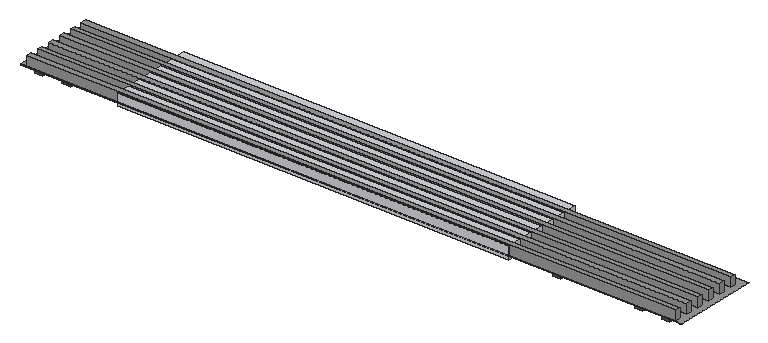
Revit family "1112-6, Veneer", category Generic Models, host Face, Revit 2020
Family settings
  Host = Face
  Can host rebar = No
  Round Connector Dimension = Use Diameter
  Part Type = Normal
  Cut with Voids When Loaded = No
  Shared = No
  Room Calculation Point = No
Parameters
  min_value [instance] = 1' - 11 1/4"  # constant formula
  max_value [instance] = 9' - 11 1/4"  # constant formula
  actual_value [instance] = if(NET LENGTH < min_value, min_value, if(NET LENGTH > max_value, max_value, NET LENGTH))  # 7' - 11 1/4"
  SCRIM MATERIAL [instance] = SCRIM
  SCRIM [instance] = yes
  NET LENGTH [instance] = 7' - 11 1/4"
  Default Elevation = 4' - 0"
  BACKER MATERIAL [instance] = BLACK-BACKERS
  .. MEMBER WIDTH [instance] = 0' - 0 3/4"  # constant formula
  .. MEMBER MATERIAL [instance] = Veneer Cherry
  .. MEMBER LENGTH [instance] = actual_value  # 7' - 11 1/4"
  .. MEMBER DEPTH [instance] = 0' - 1 3/8"  # constant formula
  .. MEMBER COUNT [instance] = 6  # constant formula
  IMPORTANT NOTE!!!                                                                             *Backer layout is for visualization purposes only, final layout to be determined by 9Wood. [instance] = ""
Reference planes (in)
  plane 1 "Center (Front/Back)": y = 0
  plane 2: z = 1.82209
  plane 3 "Center (Left/Right)": x = 0
Forms (in)
  Extrusion 1, solid
    sketch origin (132, -33.80483, 0) x (1, 0, 0) y (0, 1, 0)
      loop
        line (-118.625, 33.80483) -> (-61.26146, 33.80483) -> (-61.26146, 45.86733) -> (-118.625, 45.86733) -> (-118.625, 33.80483)
    from 1.82209 to 0
Dimensions and locks (in)
  aligned and locked: Extrusion 1 to plane 2
  aligned and locked: plane 3 "Center (Left/Right)" to nested 1
Nested families (in)
  nested 1: "1100 SERIES CONFIG" at (0, 2, 0), .. MEMBER DEPTH <- ".. MEMBER DEPTH", .. MEMBER LENGTH <- ".. MEMBER LENGTH", .. MEMBER WIDTH <- ".. MEMBER WIDTH", .. MEMBER MATERIAL <- ".. MEMBER MATERIAL", BACKING M MATERIAL <- "BACKER MATERIAL", SCRIM  MATERIAL <- "SCRIM MATERIAL", .. MEMBER COUNT <- ".. MEMBER COUNT", SCRIM <- "SCRIM", type "1100 SERIES CONFIG"
    with X 7' - 8", SCRIM OVERHANG 2 0' - 0 3/32", SCRIM OVERHANG 0' - 0 7/8", SCRIM LENGTH 8' - 1", SCRIM  MATERIAL SCRIM, SCRIM yes, NOMINAL LENGTH 7, N 8, Inset 6' - 0 3/8", INSET 0' - 1", INDEX 0' - 5 5/8", HALF MEMBER WIDTH 0' - 0 3/8", HALF LENGTH 3' - 11 5/8", END BACKER yes, BACKING M WIDTH 0' - 1 1/4", BACKING M OC SPACING 1' - 0", BACKING M MATERIAL BLACK-BACKERS, BACKING M LENGTH 0' - 11 7/8", BACKING M DEPTH 0' - 0 1/2", BACKING M COUNT 8, 3/16" INSET 0' - 0 3/16", .. MEMBER WIDTH 0' - 0 3/4", .. MEMBER OC SPACING 0' - 2", .. MEMBER MATERIAL Veneer Cherry, .. MEMBER LENGTH 7' - 11 1/4", .. MEMBER DEPTH 0' - 1 3/8", .. MEMBER COUNT 6
Definition of nested family "1100 SERIES CONFIG"
  Parameters (values of type "1100 SERIES CONFIG")
    X [instance] = .. MEMBER LENGTH - 0' 3 1/4"  # 5' - 5"
    SCRIM OVERHANG 2 [instance] = 0' - 0 3/32"  # constant formula
    SCRIM OVERHANG [instance] = 0' - 0 7/8"  # constant formula
    SCRIM LENGTH [instance] = .. MEMBER LENGTH + (SCRIM OVERHANG * 2)  # 5' - 10"
    SCRIM  MATERIAL [instance] = none
    SCRIM [instance] = yes
    NOMINAL LENGTH [instance] = 7
    N [instance] = if((X - (rounddown(X / 1' 0") * 1' 0")) > 1' 0", rounddown(X / 1' 0") + 2, rounddown(X / 1' 0") + 1)  # 6
    Inset [instance] = 6' - 0 3/8"  # constant formula
    INSET [instance] = 0' - 1"  # constant formula
    END BACKER [instance] = INDEX > 0' 3 5/8"  # yes
    INDEX [instance] = (.. MEMBER LENGTH - ((N - 1) * 1' 0")) / 2  # 0' - 4 1/8"
    HALF MEMBER WIDTH [instance] = .. MEMBER WIDTH / 2  # 0' - 0 5/16"
    HALF LENGTH [instance] = .. MEMBER LENGTH / 2  # 2' - 10 1/8"
    Default Elevation = 0' - 0"
    BACKING M WIDTH [instance] = 0' - 1 1/4"
    BACKING M SPACING = 3' - 3"
    BACKING M MATERIAL [instance] = none
    BACKING M LENGTH [instance] = 0' - 11 7/8"
    BACKING M DEPTH [instance] = 0' - 0 1/2"
    BACKING M COUNT [instance] = N  # 6
    BACKING M OC SPACING [instance] = 1' - 0"  # constant formula
    3/16" INSET [instance] = 0' - 0 3/16"  # constant formula
    .. MEMBER WIDTH [instance] = 0' - 0 5/8"
    .. MEMBER OC SPACING [instance] = 1' 0" / .. MEMBER COUNT  # 0' - 4"
    .. MEMBER MATERIAL [instance] = none
    .. MEMBER LENGTH [instance] = 5' - 8 1/4"
    .. MEMBER DEPTH [instance] = 0' - 1 3/8"
    .. MEMBER COUNT [instance] = 3
  Reference planes (in)
    plane 1 "Center (Front/Back)": y = -2
    plane 2: z = 0
    plane 3 "Center (Left/Right)": x = 0
    plane 4: x = 1
    plane 5: x = 4.125
    plane 6: x = 34.125
    plane 7: x = 68.25
    plane 8: x = 67.25
    plane 9: x = 16.125
    plane 10: y = -1.8125
    plane 11: y = -1.6875
    plane 12: y = 2.3125
    plane 13: x = 69.125
    plane 14: x = -0.875
    plane 15: z = 0.5
    plane 16: z = 0.5625
    plane 17: y = 10.0625
    plane 18: y = 10.15625
    plane 19: y = -2.09375
  Dimensions and locks (in)
    "INSET": plane 3 "Center (Left/Right)" to plane 4
    "INDEX": plane 3 "Center (Left/Right)" to plane 5
    "HALF LENGTH": plane 3 "Center (Left/Right)" to plane 6
    ".. MEMBER LENGTH": plane 3 "Center (Left/Right)" to plane 7
    "INSET": plane 8 to plane 7
    equal spacing: group 2, group 3, group 6, group 7, group 8, group 9  (x3)
    "3/16" INSET": plane 1 "Center (Front/Back)" to plane 10
    ".. MEMBER OC SPACING": plane 12 to plane 11
    "SCRIM OVERHANG": plane 14 to plane 3 "Center (Left/Right)"
    "SCRIM OVERHANG": plane 7 to plane 13
    equal spacing: group 1, group 4, group 5  (x2)
    equal spacing: group 5, group 4, group 1
    "HALF MEMBER WIDTH": plane 1 "Center (Front/Back)" to plane 11
    "BACKING M OC SPACING": plane 5 to plane 9
    "SCRIM OVERHANG 2": plane 18 to plane 17
    "SCRIM OVERHANG 2": plane 19 to plane 1 "Center (Front/Back)"
    aligned and locked: level to plane 2
    aligned and locked: plane 6 to nested 1
    aligned and locked: nested 2 to plane 4
    aligned and locked: plane 5 to nested 3
    aligned and locked: plane 1 "Center (Front/Back)" to nested 1
    aligned and locked: nested 2 to plane 10
    aligned and locked: nested 3 to plane 10
    aligned and locked: nested 5 to plane 10
    aligned and locked: nested 4 to plane 10
    aligned and locked: nested 6 to plane 14
    aligned and locked: plane 12 to nested 7
    aligned and locked: nested 7 to plane 3 "Center (Left/Right)"
    aligned and locked: plane 9 to nested 5
    aligned and locked: plane 8 to nested 4
    aligned and locked: plane 15 to nested 2
    aligned and locked: nested 6 to plane 15
    aligned and locked: nested 1 to plane 16
    aligned and locked: nested 7 to plane 16
    aligned and locked: nested 6 to plane 19
  Nested families (in)
    nested 1: "INSTANCE - Parametric Cube" at (34.125, -1.6875, 1.9375), Length <- ".. MEMBER WIDTH", Height <- ".. MEMBER DEPTH", Width <- ".. MEMBER LENGTH", Material <- ".. MEMBER MATERIAL", type "INSTANCE - Parametric Cube"
      with Width 5' - 8 1/4", Material none, Length 0' - 0 5/8", Height 0' - 1 3/8"
    nested 2: "2ND INSTANCE - Parametric Cube" at (1.625, 4.125, 0), Height <- "BACKING M DEPTH", Length <- "BACKING M LENGTH", Width <- "BACKING M WIDTH", Material <- "BACKING M MATERIAL", visible <- "END BACKER", type "2ND INSTANCE - Parametric Cube"
      with Width 0' - 1 1/4", Material none, Length 0' - 11 7/8", Height 0' - 0 1/2"
    nested 3: "2ND INSTANCE - Parametric Cube" at (4.125, 4.125, 0), Length <- "BACKING M LENGTH", Height <- "BACKING M DEPTH", Width <- "BACKING M WIDTH", Material <- "BACKING M MATERIAL", type "2ND INSTANCE - Parametric Cube"
      with Width 0' - 1 1/4", Material none, Length 0' - 11 7/8", Height 0' - 0 1/2"
    nested 4: "2ND INSTANCE - Parametric Cube" at (66.625, 4.125, 0), Width <- "BACKING M WIDTH", Length <- "BACKING M LENGTH", Height <- "BACKING M DEPTH", Material <- "BACKING M MATERIAL", visible <- "END BACKER", type "2ND INSTANCE - Parametric Cube"
      with Width 0' - 1 1/4", Material none, Length 0' - 11 7/8", Height 0' - 0 1/2"
    nested 5: "2ND INSTANCE - Parametric Cube" at (16.125, 4.125, 0), Length <- "BACKING M LENGTH", Height <- "BACKING M DEPTH", Width <- "BACKING M WIDTH", Material <- "BACKING M MATERIAL", type "2ND INSTANCE - Parametric Cube"
      with Width 0' - 1 1/4", Material none, Length 0' - 11 7/8", Height 0' - 0 1/2"
    nested 6: "3RD INSTANCE - Parametric Cube" at (34.125, 4.0445, 0.5), Width <- "SCRIM LENGTH", Material <- "SCRIM  MATERIAL", visible <- "SCRIM", type "3RD INSTANCE - Parametric Cube"
      with Width 5' - 10", Material none, Length 1' - 0.27649", Height 0' - 0 1/16"
    nested 7: "INSTANCE - Parametric Cube" at (34.125, 2.3125, 1.9375), Length <- ".. MEMBER WIDTH", Height <- ".. MEMBER DEPTH", Width <- ".. MEMBER LENGTH", Material <- ".. MEMBER MATERIAL", type "INSTANCE - Parametric Cube"
      with Width 5' - 8 1/4", Material none, Length 0' - 0 5/8", Height 0' - 1 3/8"
    nested 8: "INSTANCE - Parametric Cube" at (34.125, 6.3125, 1.9375), Length <- ".. MEMBER WIDTH", Height <- ".. MEMBER DEPTH", Width <- ".. MEMBER LENGTH", Material <- ".. MEMBER MATERIAL", type "INSTANCE - Parametric Cube"
      with Width 5' - 8 1/4", Material none, Length 0' - 0 5/8", Height 0' - 1 3/8"
    nested 9: "2ND INSTANCE - Parametric Cube" at (28.125, 4.125, 0), Length <- "BACKING M LENGTH", Height <- "BACKING M DEPTH", Width <- "BACKING M WIDTH", Material <- "BACKING M MATERIAL", type "2ND INSTANCE - Parametric Cube"
      with Width 0' - 1 1/4", Material none, Length 0' - 11 7/8", Height 0' - 0 1/2"
    nested 10: "2ND INSTANCE - Parametric Cube" at (40.125, 4.125, 0), Length <- "BACKING M LENGTH", Height <- "BACKING M DEPTH", Width <- "BACKING M WIDTH", Material <- "BACKING M MATERIAL", type "2ND INSTANCE - Parametric Cube"
      with Width 0' - 1 1/4", Material none, Length 0' - 11 7/8", Height 0' - 0 1/2"
    nested 11: "2ND INSTANCE - Parametric Cube" at (52.125, 4.125, 0), Length <- "BACKING M LENGTH", Height <- "BACKING M DEPTH", Width <- "BACKING M WIDTH", Material <- "BACKING M MATERIAL", type "2ND INSTANCE - Parametric Cube"
      with Width 0' - 1 1/4", Material none, Length 0' - 11 7/8", Height 0' - 0 1/2"
    nested 12: "2ND INSTANCE - Parametric Cube" at (64.125, 4.125, 0), Length <- "BACKING M LENGTH", Height <- "BACKING M DEPTH", Width <- "BACKING M WIDTH", Material <- "BACKING M MATERIAL", type "2ND INSTANCE - Parametric Cube"
      with Width 0' - 1 1/4", Material none, Length 0' - 11 7/8", Height 0' - 0 1/2"
  Definition of nested family "INSTANCE - Parametric Cube"
    Parameters (values of type "INSTANCE - Parametric Cube")
      Width [instance] = 0' - 6"
      Material [instance] = none
      Length [instance] = 1' - 0"
      Height [instance] = 1' - 6"
      Default Elevation = 0' - 0"
    Reference planes (in)
      plane 1 "Center (Front/Back)": y = 0
      plane 2: z = 0
      plane 3 "Center (Left/Right)": x = 0
      plane 4: x = -3
      plane 5: x = 3
      plane 6: y = 6
      plane 7: y = -6
      plane 8: z = -18
    Forms (in)
      Extrusion 1, solid, material <- "Material"
        sketch origin (0, 0, 0) x (1, 0, 0) y (0, 1, 0)
          loop
            line (-3, 6) -> (-3, -6) -> (3, -6) -> (3, 6) -> (-3, 6)
        from -18 to 0
    Dimensions and locks (in)
      equal spacing: plane 4, plane 3 "Center (Left/Right)", plane 5
      equal spacing: plane 6, plane 1 "Center (Front/Back)", plane 7
      "Length": plane 6 to plane 7
      "Width": plane 4 to plane 5
      "Height": plane 8 to level
      aligned and locked: plane 2 to level
      aligned and locked: Extrusion 1 sketch curve to plane 6
      aligned and locked: plane 4 to Extrusion 1 sketch curve
      aligned and locked: plane 7 to Extrusion 1 sketch curve
      aligned and locked: Extrusion 1 sketch curve to plane 5
      aligned and locked: Extrusion 1 to plane 8
  Definition of nested family "2ND INSTANCE - Parametric Cube"
    Parameters (values of type "2ND INSTANCE - Parametric Cube")
      Width [instance] = 0' - 6"
      Material [instance] = none
      Length [instance] = 1' - 0"
      Height [instance] = 1' - 6"
      Default Elevation = 0' - 0"
    Reference planes (in)
      plane 1 "Center (Front/Back)": y = 0
      plane 2: z = 0
      plane 3 "Center (Left/Right)": x = 0
      plane 4: x = -3
      plane 5: x = 3
      plane 6: y = 6
      plane 7: y = -6
      plane 8: z = 18
    Forms (in)
      Extrusion 1, solid, material <- "Material"
        sketch origin (0, 0, 0) x (1, 0, 0) y (0, 1, 0)
          loop
            line (-3, 6) -> (-3, -6) -> (3, -6) -> (3, 6) -> (-3, 6)
        from 0 to 18
    Dimensions and locks (in)
      equal spacing: plane 4, plane 3 "Center (Left/Right)", plane 5
      equal spacing: plane 6, plane 1 "Center (Front/Back)", plane 7
      "Length": plane 6 to plane 7
      "Width": plane 4 to plane 5
      "Height": level to plane 8
      aligned and locked: plane 2 to level
      aligned and locked: Extrusion 1 sketch curve to plane 6
      aligned and locked: plane 4 to Extrusion 1 sketch curve
      aligned and locked: plane 7 to Extrusion 1 sketch curve
      aligned and locked: Extrusion 1 sketch curve to plane 5
      aligned and locked: plane 8 to Extrusion 1
      aligned and locked: Extrusion 1 to level
  Definition of nested family "3RD INSTANCE - Parametric Cube"
    Parameters (values of type "3RD INSTANCE - Parametric Cube")
      Width [instance] = 0' - 6"
      Material [instance] = none
      Length [instance] = 1' - 0"
      Height [instance] = 1' - 6"
      Default Elevation = 0' - 0"
    Reference planes (in)
      plane 1 "Center (Front/Back)": y = 0
      plane 2: z = 0
      plane 3 "Center (Left/Right)": x = 0
      plane 4: x = -3
      plane 5: x = 3
      plane 6: y = 6
      plane 7: y = -6
      plane 8: z = 18
    Forms (in)
      Extrusion 1, solid, material <- "Material"
        sketch origin (0, 0, 0) x (1, 0, 0) y (0, 1, 0)
          loop
            line (-3, 6) -> (-3, -6) -> (3, -6) -> (3, 6) -> (-3, 6)
        from 0 to 18
    Dimensions and locks (in)
      equal spacing: plane 4, plane 3 "Center (Left/Right)", plane 5
      equal spacing: plane 6, plane 1 "Center (Front/Back)", plane 7
      "Length": plane 6 to plane 7
      "Width": plane 4 to plane 5
      "Height": level to plane 8
      aligned and locked: plane 2 to level
      aligned and locked: Extrusion 1 sketch curve to plane 6
      aligned and locked: plane 4 to Extrusion 1 sketch curve
      aligned and locked: plane 7 to Extrusion 1 sketch curve
      aligned and locked: Extrusion 1 sketch curve to plane 5
      aligned and locked: plane 8 to Extrusion 1
      aligned and locked: Extrusion 1 to level
